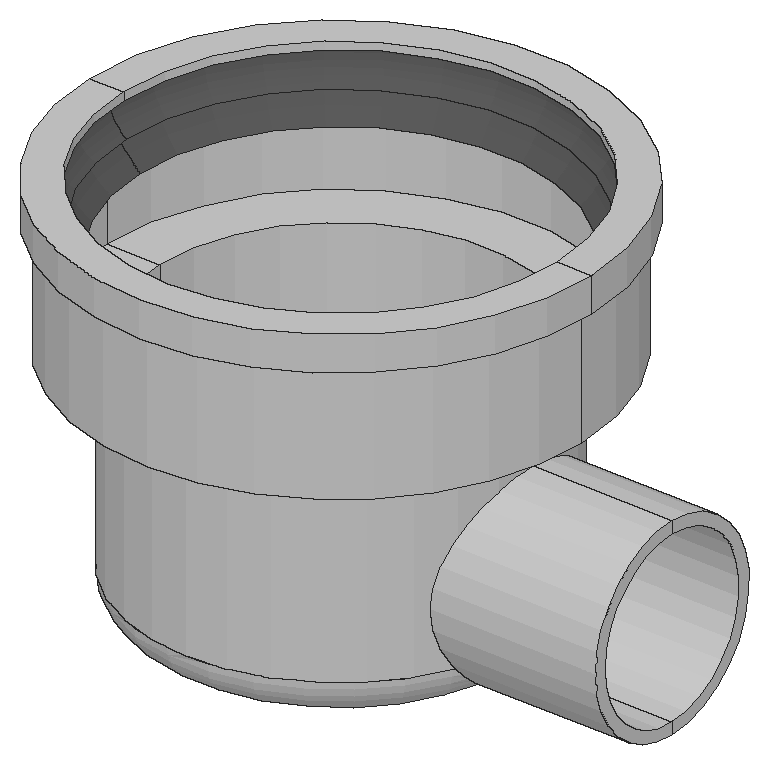
Revit family "PX_SEQ_HyDrain-Side-Outlet-50mm_PC097800", category Plumbing Fixtures, Revit 2016
Family settings
  Part Type = Normal
  Round Connector Dimension = Use Diameter
  Work Plane-Based = No
  Always vertical = Yes
  Cut with Voids When Loaded = No
  Shared = No
  Room Calculation Point = No
Parameters (values of type "HyDrain 50mm Side Outlet F-Box")
  URL for TCP = "http://www.tcpbim.co.za"
  URL = "https://seaqual.co.za/collections/external-surface-drains/products/hydrain-1st-fix-50mm-side-outlet"
  Type Comments = "HyDrain 500mm Side Outlet"
  Rubber = Rubber
  Plastic = Plastic
  Model = "097800"
  Manufacturer = "Seaqual"
  Made by = "Tolani Civil Projects cc"
  ASAQS Code = "6.605.10"
Reference planes
  plane 1 "Center (Front/Back)": y = 0
  plane 2: z = 0
  plane 3 "Center (Left/Right)": x = 0
  plane 4: z = 4
  plane 5: z = -5
  plane 6: x = -65.5
  plane 7: z = -36
  plane 8: x = -63
  plane 9: x = -64.439
  plane 10: x = -60.879
  plane 11: z = -33
  plane 12: x = -50.079
  plane 13: x = -47.079
  plane 14: z = -96
  plane 15: z = -93
  plane 16: z = -2
  plane 17: x = 86.5
  plane 18: z = -71
  plane 19: x = -56.6
  plane 20: z = 2
  plane 21: z = -13.7
  plane 22: z = -11.7
  plane 23: z = -9.7
  plane 24: x = 64.439
  plane 25: x = 60.359
  plane 26: z = 0
  plane 27: x = 51.639
  plane 28: z = 1
  plane 29: z = -6
  plane 30: z = -6.771
  plane 31: x = 58.359
  plane 32: z = -13.7
  plane 33: x = 60.875
  plane 34: x = 52.5
Forms (mm)
  Revolve 1, solid, material "Plastic" <- "Plastic"
    sketch origin (0, 0, 0) x (1, 0, 0) y (0, 0, 1)
      loop
        line (-63, -2) -> (-64.439, -2) -> (-64.439, 2) -> (-56.6, 2) -> (-56.6, 4) -> (-65.5, 4) -> (-65.5, -5) -> (-63, -5) -> (-63, -36) -> (-50.079, -36) -> (-50.079, -86)
        arc (-50.079, -86) -> (-47.15, -93.071) -> (-40.079, -96) r 10
        line (-40.079, -96) -> (0, -96) -> (0, -93) -> (-37.079, -93)
        arc (-37.079, -93) -> (-44.15, -90.071) -> (-47.079, -83) r 10
        line (-47.079, -83) -> (-47.079, -33) -> (-60.879, -33) -> (-60.879, -2) -> (-63, -2)
      axis (0, 4) -> (0, -96)
    angle from 0 to 360
  Revolve 2, solid, material "Plastic" <- "Plastic"
    sketch origin (0, 0, 0) x (1, 0, 0) y (0, 0, 1)
      loop
        line (33.728, -93) -> (33.728, -96) -> (86.5, -96) -> (86.5, -93) -> (33.728, -93)
      axis (33.728, -71) -> (86.5, -71)
    angle from 0 to 360
  Extrusion 3, void
    sketch origin (0, 0, 0) x (0, 1, 0) y (0, 0, 1)
      loop
        circle (0, -71) r 22
    from 33.728 to 86.5
  Revolve 4, solid, material "Rubber" <- "Rubber"
    sketch origin (0, 0, 0) x (1, 0, 0) y (0, 0, 1)
      loop
        line (60.875, 1) -> (64.439, 1) -> (64.439, 2) -> (60.359, 2) -> (60.359, 1)
        arc (60.359, 1) -> (59.157, -3.486) -> (55.873, -6.771) r 8.973
        line (55.873, -6.771) -> (58.359, -6.771)
        arc (58.359, -6.771) -> (55.621, -10.397) -> (52.5, -13.7) r 41.305
        line (52.5, -13.7) -> (60.875, -13.7) -> (60.875, 1)
      axis (0, 2) -> (0, -13.7)
    angle from 0 to 360
Cuts and joins
  Extrusion 3 cuts Revolve 1
  joined: Revolve 1, Revolve 2
Dimensions and locks
  locked: plane 12 to plane 10 at 10.8
  locked: plane 13 to plane 12 at 3
  locked: plane 10 to plane 8 at 2.121
  locked: plane 8 to plane 9 at 1.439
  locked: plane 9 to plane 6 at 1.061
  locked: plane 3 "Center (Left/Right)" to plane 6 at 65.5
  locked: plane 4 to level at 4
  locked: level to plane 5 at 5
  locked: plane 5 to plane 11 at 28
  locked: plane 11 to plane 7 at 3
  locked: plane 34 to plane 3 "Center (Left/Right)" at 52.5
  Revolve 4 sketch curve to Revolve 4 sketch curve to plane 33 = 2.486 mm locked, 2.515 mm locked
  locked: plane 18 to plane 14 at 25
  locked: plane 7 to plane 14 at 60
  locked: plane 15 to plane 14 at 3
  aligned and locked: level to plane 2
  aligned and locked: Revolve 1 sketch curve to plane 3 "Center (Left/Right)"  (x2)
  aligned and locked: Revolve 1 sketch curve to plane 16
  aligned and locked: plane 12 to Revolve 1 sketch curve
  aligned and locked: plane 7 to Revolve 1 sketch curve
  aligned and locked: plane 13 to Revolve 1 sketch curve
  aligned and locked: plane 11 to Revolve 1 sketch curve
  aligned and locked: Revolve 1 sketch curve to plane 13
  aligned and locked: Revolve 1 sketch curve to plane 12
  aligned and locked: plane 3 "Center (Left/Right)" to Revolve 1 sketch curve
  aligned and locked: Revolve 1 sketch curve to plane 14
  aligned and locked: plane 15 to Revolve 1 sketch curve
  aligned and locked: Revolve 2 sketch curve to plane 18
  aligned and locked: plane 15 to Revolve 2 sketch curve
  aligned and locked: Revolve 2 sketch curve to plane 14
  aligned and locked: Revolve 2 sketch curve to plane 17
  aligned and locked: Extrusion 3 sketch curve to Revolve 2  (x2)
  aligned and locked: Revolve 2 to Extrusion 3
  aligned and locked: Extrusion 3 to Revolve 2
  aligned and locked: plane 5 to Revolve 1 sketch curve
  aligned and locked: plane 6 to Revolve 1 sketch curve
  aligned and locked: plane 20 to Revolve 1 sketch curve
  aligned and locked: Revolve 1 sketch curve to plane 4
  aligned and locked: Revolve 1 sketch curve to plane 19
  aligned and locked: plane 24 to cut or joined group of Revolve 1, Revolve 2, Extrusion 3
  aligned and locked: plane 33 to Revolve 4 sketch curve  (x2)
  aligned and locked: Revolve 4 sketch curve to plane 28
  aligned and locked: Revolve 4 sketch curve to cut or joined group of Revolve 1, Revolve 2, Extrusion 3  (x2)
  aligned and locked: plane 24 to Revolve 4 sketch curve
  aligned and locked: plane 25 to Revolve 4 sketch curve
  aligned and locked: plane 21 to Revolve 4 sketch curve
  aligned and locked: Revolve 4 sketch curve to plane 25
  aligned and locked: plane 34 to Revolve 4 sketch curve
  aligned and locked: plane 32 to Revolve 4 sketch curve
  aligned and locked: plane 20 to Revolve 4 sketch curve
  aligned and locked: plane 30 to Revolve 4 sketch curve
  aligned and locked: Revolve 4 sketch curve to plane 3 "Center (Left/Right)"
Connectors
  piping at (86.5, 0, -71), diameter 50
    settings: on cut or joined group of Revolve 1, Revolve 2, Extrusion 3, index 1, connector inside diameter 609.6 mm, connector length 0 mm, flow factor 0, pipe flow 0.0 L/s, pressure drop 0.0 Pa, fitting loss kfactor 0, connector angle 0.00°, fixture units 0, engagement length 0 mm, angle of deflection 0.00°, flow configuration 0, flow direction 0, fitting loss method 0, system type 16, joint type 0, gender type 0, connector reference index -1, connector utility 0, adjustable connector no, is connector primary yes, connector description ""
